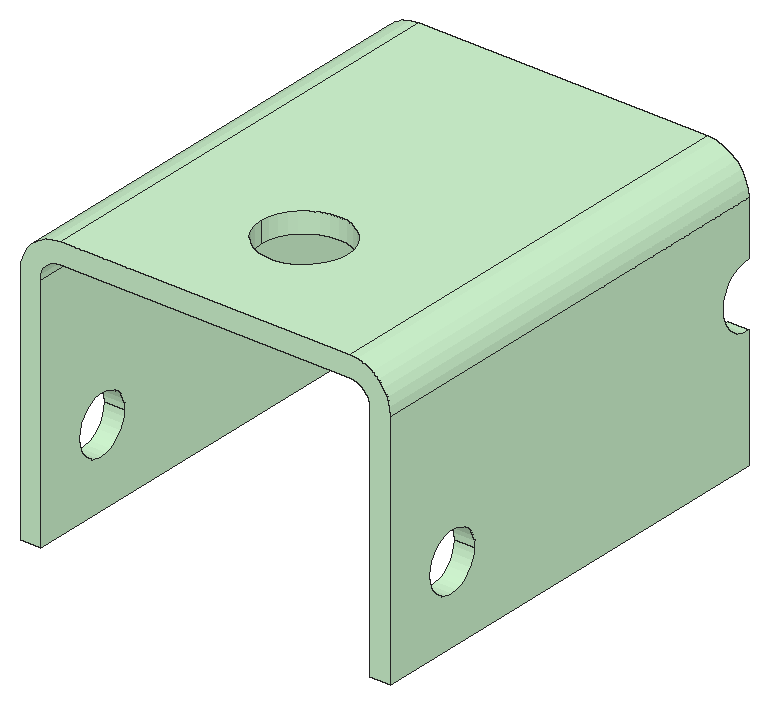
Revit family "RP-Sカバー", category 機械設備, Revit 2020
Family settings
  丸型コネクタ寸法 = 直径を使用
  種別 = なし
  パーツ タイプ = 標準
  作業面ベース = いいえ
  常に垂直 = いいえ
  ロード時にボイドで切り取り = いいえ
  共有 = いいえ
  部屋計算ポイント = いいえ
Parameters
  製造元 = "株式会社桐井製作所"
  既定の高さ = 0 mm
  URL = "https://www.kirii.co.jp/"
  K_板厚(mm) = 1.6 mm
  K_品名 = "RP-Sカバー"
  K_名称 = "クリップ補強"
  K_入数 = "200"
  K_バージョン情報 = "20211216"
Reference planes
  plane 1 "中心(正面/背面)": y = 0
  plane 2: z = 0
  plane 3 "中心(左/右)": x = 0
  plane 4: x = 14.5
  plane 5: x = -14.5
Forms (mm)
  Extrusion 1, solid
    sketch origin (1.146, 25.333, -5.456) x (1, 0, 0) y (0, 0, 1)
      loop
        arc (-14.046, 3.859) -> (-13.579, 4.992) -> (-12.446, 5.462) r 1.6
        line (-12.446, 5.462) -> (10.154, 5.462)
        arc (10.154, 5.462) -> (11.284, 4.994) -> (11.754, 3.865) r 1.6
        line (11.754, 3.865) -> (11.754, -14.938) -> (13.354, -14.938) -> (13.354, 3.858)
        arc (13.354, 3.858) -> (12.416, 6.125) -> (10.148, 7.062) r 3.2
        line (10.148, 7.062) -> (-12.441, 7.062)
        arc (-12.441, 7.062) -> (-14.708, 6.125) -> (-15.646, 3.858) r 3.2
        line (-15.646, 3.858) -> (-15.646, -14.938) -> (-14.046, -14.938) -> (-14.046, 3.859)
    from 0 to 35
  Extrusion 2, void
    sketch origin (0, 0, -10.194) x (1, 0, 0) y (0, 1, 0)
      loop
        circle (0, 0) r 3.4
    from 10.2 to 11.8
  Extrusion 3, void
    sketch origin (0, 7.952, -10.194) x (0, 1, 0) y (0, 0, 1)
      loop
        arc (17.381, 4.3) -> (15.613, 3.568) -> (14.881, 1.8) r 2.5
        arc (14.881, 1.8) -> (15.613, 0.032) -> (17.381, -0.7) r 2.5
        line (17.381, -0.7) -> (17.381, 4.3)
    from -14.5 to -12.9
  Extrusion 4, void
    sketch origin (0, 7.952, -10.194) x (0, 1, 0) y (0, 0, 1)
      loop
        circle (-11.619, -4.2) r 2.25
    from -14.5 to -12.9
  Extrusion 5, void
    sketch origin (27.4, 7.952, -10.194) x (0, 1, 0) y (0, 0, 1)
      loop
        arc (17.381, 4.3) -> (15.613, 3.568) -> (14.881, 1.8) r 2.5
        arc (14.881, 1.8) -> (15.613, 0.032) -> (17.381, -0.7) r 2.5
        line (17.381, -0.7) -> (17.381, 4.3)
    from -14.5 to -12.9
  Extrusion 6, void
    sketch origin (27.4, 7.952, -10.194) x (0, 1, 0) y (0, 0, 1)
      loop
        circle (-11.619, -4.2) r 2.25
    from -14.5 to -12.9
Cuts and joins
  Extrusion 2, Extrusion 3, Extrusion 4, Extrusion 5, Extrusion 6 cuts Extrusion 1
Dimensions and locks
  aligned and locked: level to plane 2
